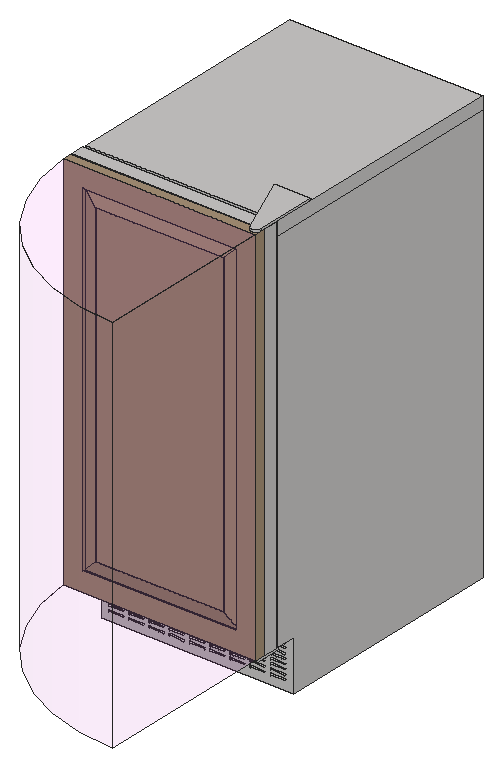
Revit family "QF_Summit_BIM68OSGDRIF_Indoor_Outdoor_Ice_Maker", category Specialty Equipment, Revit 2020
Family settings
  Round Connector Dimension = Use Diameter
  Part Type = Normal
  Work Plane-Based = No
  Always vertical = Yes
  Cut with Voids When Loaded = No
  Shared = No
  Room Calculation Point = No
Parameters
  Weight in Pounds = 105
  Watts = if(Phase = 3, Volts * FL Amps * 1.73, Volts * FL Amps)  # 460 W
  Waste Water Discharge Temperature = -459.67 °F
  Volts = 115 V
  Ventilation Remarks = ""
  URL Cutsheet = ""
  Specification by User = ""
  Specification by Manufacturer = ""
  Show RHD [instance] = yes
  Show LHD [instance] = not(Show RHD)  # no
  Show Clearance [instance] = yes
  Serial Number = ""
  Seismic Rating = ""
  SMACNA No = ""
  Revision Code = ""
  Refrigerant Volume = 0.00 kip
  Refrigerant Type = "R134a"
  Plumbing Remarks = ""
  Phase = 1
  Number of Poles = 1
  NAFEM Spec ID Number = ""
  Model = "BIM68OSGDRIF"
  Min Ckt Ampacity = 0 A
  Max Overcurrent Protection = 0 A
  Masterspec = ""
  Manufacturer = "Summit"
  Length = 14 7/8"
  Item Number = ""
  Installed By = ""
  Indirect Waste Size = 3/4"
  Indirect Waste Flow = 0 GPM
  Indirect Waste Connection Type = ""
  Indirect Waste Connection Height = 0"
  Identify Quantity as Lot = yes
  Height = 33 5/8"
  HP = ""
  Furnished By = ""
  Foodservice Equipment Identifier = yes
  FL Amps = 4 A
  Electrical Remarks = ""
  Electric Connection Type = ""
  Elec Conn RI Height = 0"
  Elec Conn Connection Height = 0"
  Direct Waste Size = 0"
  Direct Waste RI Height = 0"
  Direct Waste Flow = 0 GPM
  Direct Waste Connection Height = 0"
  Description = "Indoor/Outdoor Ice Maker"
  Depth = 22 5/8"
  Default Elevation = 0"
  Cycle = 60 Hz
  Conn Plug = ""
  Conn Conduit = yes
  Cold Water Temperature Recommended = -459.67 °F
  Cold Water Size = 3/8"
  Cold Water RI Height = 0"
  Cold Water Minimum Pressure = 0.00 psi
  Cold Water Maximum Pressure = 0.00 psi
  Cold Water Flow = 0 GPM
  Cold Water Consumption = ""
  Cold Water Connection Height = 0"
  CSI MasterFormat = ""
  Base Height [instance] = 1/8"
  BTUH = 0.0 Btu/h
  Apparent Power = if(Phase = 3, Volts * FL Amps * 1.73, Volts * FL Amps)  # 460 VA
Reference planes (in)
  plane 1 "BACK": y = 0
  plane 2: z = 0
  plane 3 "LEFT": x = 0
  plane 4 "RIGHT": x = 14.875
  plane 5 "FRONT": y = -22.625
  plane 6 "TOP": z = 33.5
  plane 7 "Center Y": x = 7.4375
  plane 8 "Center X": y = -11.3125
  plane 9 "Base Height": z = 0.125
  plane 10: y = -37.25
  plane 11: y = -23.375
  plane 12: y = -21.25
  plane 13: y = -1.5
  plane 14: z = 33.625
Forms (in)
  Extrusion 1, solid, material "QF_Metal_Stainless_Polished"
    sketch origin (0, 0, 0.125) x (-1, 0, 0) y (0, -1, 0)
      loop
        line (0, 1.5) -> (0, 21.25) -> (-14.875, 21.25) -> (-14.875, 1.5) -> (-14.5625, 1.5) -> (-14.5625, 2.5) -> (-0.3125, 2.5) -> (-0.3125, 1.5) -> (0, 1.5)
    from 3.875 to 32.375
  Extrusion 2, solid, material "QF_Metal_Stainless_Polished"
    sketch origin (14.875, -21.25, 0.125) x (-1, 0, 0) y (0, 0, -1)
      loop
        line (0, -33.375) -> (14.875, -33.375) -> (14.875, -3.875) -> (0, -3.875) -> (0, -33.375)
    from 0.24904 to 1.375
  Extrusion 3, solid, material "QF_Rubber - Black - Smooth"
    sketch origin (14.875, -21.25, 0.125) x (-1, 0, 0) y (0, 0, -1)
      loop
        line (14.5625, -33.0625) -> (14.5625, -4.4375) -> (0.3125, -4.4375) -> (0.3125, -33.0625) -> (14.5625, -33.0625)
    from 0 to 0.24904
  Extrusion 4, solid, material "QF_Metal_Stainless_Polished", visible <- "Show RHD"
    sketch origin (0, 0, 33.5) x (-1, 0, 0) y (0, -1, 0)
      loop
        line (-14.6875, 18.03173) -> (-12.1875, 18.03173)
        arc (-12.1875, 18.03173) -> (-12.08136, 18.09071) -> (-12.07538, 18.21199) r 0.125
        line (-12.07538, 18.21199) -> (-14.10113, 23.04076)
        arc (-14.10113, 23.04076) -> (-14.52261, 23.24021) -> (-14.8125, 22.87499) r 0.375
        line (-14.8125, 22.87499) -> (-14.8125, 18.15673) -> (-14.80579, 18.03173) -> (-14.6875, 18.03173)
    from 0 to 0.125
  Extrusion 5, solid, material "QF_Metal_Stainless_Polished"
    sketch origin (14.875, -21.25, 4) x (0, 1, 0) y (1, 0, 0)
      loop
        line (0, -0.0625) -> (-2.00045, -0.0625) -> (-2.00045, -0.77387) -> (0, -0.77387) -> (0, -0.0625)
    from 0.125 to 0.25
  Extrusion 6, solid, material "QF_Rubber - Black - Smooth"
    sketch origin (0, -1.5, 0.125) x (1, 0, 0) y (0, 0, -1)
      loop
        circle (12.85328, -0.875) r 0.25
    from 0 to 0.0625
  Extrusion 7, solid, material "QF_Metal_Stainless_Polished"
    sketch origin (0, -1.5, 0.125) x (1, 0, 0) y (0, 0, -1)
      loop
        circle (3.5, -9.5) r 0.375
      loop
        circle (1.75, -9.25) r 0.1875
    from 0 to 0.0625
  Revolve 8, solid, material "QF_Rubber - Black - Smooth"
    sketch origin (0, -3.125, 0) x (1, 0, 0) y (0, 0, 1)
      loop
        line (1.5625, 0) -> (1.5625, 0.125) -> (0.88393, 0.125) -> (0.88393, 0) -> (1.5625, 0)
      axis (1.5625, 0.125) -> (1.5625, 0)
    angle from 0 to 360
  Extrusion 9, solid, material "QF_Metal_Stainless_Polished"
    sketch origin (0, 0, 0.125) x (-1, 0, 0) y (0, -1, 0)
      loop
        line (0, 1.5) -> (0, 19.75) -> (-0.3125, 19.75) -> (-0.3125, 1.5) -> (0, 1.5)
      loop
        line (-14.875, 19.75) -> (-14.875, 1.5) -> (-14.5625, 1.5) -> (-14.5625, 19.75) -> (-14.875, 19.75)
    from 0 to 3.875
  Extrusion 10, solid, material "QF_Metal_Stainless_Polished"
    sketch origin (0, 0, 0.125) x (0, -1, 0) y (-1, 0, 0)
      loop
        line (1.625, -0.3125) -> (1.625, -14.5625) -> (19.75, -14.5625) -> (19.75, -0.3125) -> (1.625, -0.3125)
    from 0 to -0.3125
  Extrusion 11, solid, material "QF_Metal_Stainless_Polished"
    sketch origin (14.5625, -19.75, 0.125) x (-1, 0, 0) y (0, 0, -1)
      loop
        line (14.25, -0.3125) -> (0, -0.3125) -> (0, -3.875) -> (14.25, -3.875) -> (14.25, -0.3125)
      loop
        line (12.84375, -3.40789) -> (13.90625, -3.40789)
        arc (13.90625, -3.40789) -> (14, -3.31414) -> (13.90625, -3.22039) r 0.09375
        line (13.90625, -3.22039) -> (12.84375, -3.22039)
        arc (12.84375, -3.22039) -> (12.75, -3.31414) -> (12.84375, -3.40789) r 0.09375
      loop
        line (12.84375, -3.03289) -> (13.90625, -3.03289)
        arc (13.90625, -3.03289) -> (14, -2.93914) -> (13.90625, -2.84539) r 0.09375
        line (13.90625, -2.84539) -> (12.84375, -2.84539)
        arc (12.84375, -2.84539) -> (12.75, -2.93914) -> (12.84375, -3.03289) r 0.09375
      loop
        line (12.84375, -2.65789) -> (13.90625, -2.65789)
        arc (13.90625, -2.65789) -> (14, -2.56414) -> (13.90625, -2.47039) r 0.09375
        line (13.90625, -2.47039) -> (12.84375, -2.47039)
        arc (12.84375, -2.47039) -> (12.75, -2.56414) -> (12.84375, -2.65789) r 0.09375
      loop
        line (12.84375, -2.28289) -> (13.90625, -2.28289)
        arc (13.90625, -2.28289) -> (14, -2.18914) -> (13.90625, -2.09539) r 0.09375
        line (13.90625, -2.09539) -> (12.84375, -2.09539)
        arc (12.84375, -2.09539) -> (12.75, -2.18914) -> (12.84375, -2.28289) r 0.09375
      loop
        line (12.84375, -1.90789) -> (13.90625, -1.90789)
        arc (13.90625, -1.90789) -> (14, -1.81414) -> (13.90625, -1.72039) r 0.09375
        line (13.90625, -1.72039) -> (12.84375, -1.72039)
        arc (12.84375, -1.72039) -> (12.75, -1.81414) -> (12.84375, -1.90789) r 0.09375
      loop
        line (12.84375, -1.5625) -> (13.90625, -1.5625)
        arc (13.90625, -1.5625) -> (14, -1.46875) -> (13.90625, -1.375) r 0.09375
        line (13.90625, -1.375) -> (12.84375, -1.375)
        arc (12.84375, -1.375) -> (12.75, -1.46875) -> (12.84375, -1.5625) r 0.09375
      loop
        line (12.84375, -1.1875) -> (13.90625, -1.1875)
        arc (13.90625, -1.1875) -> (14, -1.09375) -> (13.90625, -1) r 0.09375
        line (13.90625, -1) -> (12.84375, -1)
        arc (12.84375, -1) -> (12.75, -1.09375) -> (12.84375, -1.1875) r 0.09375
      loop
        line (12.84375, -0.8125) -> (13.90625, -0.8125)
        arc (13.90625, -0.8125) -> (14, -0.71875) -> (13.90625, -0.625) r 0.09375
        line (13.90625, -0.625) -> (12.84375, -0.625)
        arc (12.84375, -0.625) -> (12.75, -0.71875) -> (12.84375, -0.8125) r 0.09375
      loop
        line (11.28125, -3.40789) -> (12.34375, -3.40789)
        arc (12.34375, -3.40789) -> (12.4375, -3.31414) -> (12.34375, -3.22039) r 0.09375
        line (12.34375, -3.22039) -> (11.28125, -3.22039)
        arc (11.28125, -3.22039) -> (11.1875, -3.31414) -> (11.28125, -3.40789) r 0.09375
      loop
        line (11.28125, -3.03289) -> (12.34375, -3.03289)
        arc (12.34375, -3.03289) -> (12.4375, -2.93914) -> (12.34375, -2.84539) r 0.09375
        line (12.34375, -2.84539) -> (11.28125, -2.84539)
        arc (11.28125, -2.84539) -> (11.1875, -2.93914) -> (11.28125, -3.03289) r 0.09375
      loop
        line (11.28125, -2.65789) -> (12.34375, -2.65789)
        arc (12.34375, -2.65789) -> (12.4375, -2.56414) -> (12.34375, -2.47039) r 0.09375
        line (12.34375, -2.47039) -> (11.28125, -2.47039)
        arc (11.28125, -2.47039) -> (11.1875, -2.56414) -> (11.28125, -2.65789) r 0.09375
      loop
        line (11.28125, -2.28289) -> (12.34375, -2.28289)
        arc (12.34375, -2.28289) -> (12.4375, -2.18914) -> (12.34375, -2.09539) r 0.09375
        line (12.34375, -2.09539) -> (11.28125, -2.09539)
        arc (11.28125, -2.09539) -> (11.1875, -2.18914) -> (11.28125, -2.28289) r 0.09375
      loop
        line (11.28125, -1.90789) -> (12.34375, -1.90789)
        arc (12.34375, -1.90789) -> (12.4375, -1.81414) -> (12.34375, -1.72039) r 0.09375
        line (12.34375, -1.72039) -> (11.28125, -1.72039)
        arc (11.28125, -1.72039) -> (11.1875, -1.81414) -> (11.28125, -1.90789) r 0.09375
      loop
        line (11.28125, -1.5625) -> (12.34375, -1.5625)
        arc (12.34375, -1.5625) -> (12.4375, -1.46875) -> (12.34375, -1.375) r 0.09375
        line (12.34375, -1.375) -> (11.28125, -1.375)
        arc (11.28125, -1.375) -> (11.1875, -1.46875) -> (11.28125, -1.5625) r 0.09375
      loop
        line (11.28125, -1.1875) -> (12.34375, -1.1875)
        arc (12.34375, -1.1875) -> (12.4375, -1.09375) -> (12.34375, -1) r 0.09375
        line (12.34375, -1) -> (11.28125, -1)
        arc (11.28125, -1) -> (11.1875, -1.09375) -> (11.28125, -1.1875) r 0.09375
      loop
        line (11.28125, -0.8125) -> (12.34375, -0.8125)
        arc (12.34375, -0.8125) -> (12.4375, -0.71875) -> (12.34375, -0.625) r 0.09375
        line (12.34375, -0.625) -> (11.28125, -0.625)
        arc (11.28125, -0.625) -> (11.1875, -0.71875) -> (11.28125, -0.8125) r 0.09375
      loop
        line (9.71875, -3.40789) -> (10.78125, -3.40789)
        arc (10.78125, -3.40789) -> (10.875, -3.31414) -> (10.78125, -3.22039) r 0.09375
        line (10.78125, -3.22039) -> (9.71875, -3.22039)
        arc (9.71875, -3.22039) -> (9.625, -3.31414) -> (9.71875, -3.40789) r 0.09375
      loop
        line (9.71875, -3.03289) -> (10.78125, -3.03289)
        arc (10.78125, -3.03289) -> (10.875, -2.93914) -> (10.78125, -2.84539) r 0.09375
        line (10.78125, -2.84539) -> (9.71875, -2.84539)
        arc (9.71875, -2.84539) -> (9.625, -2.93914) -> (9.71875, -3.03289) r 0.09375
      loop
        line (9.71875, -2.65789) -> (10.78125, -2.65789)
        arc (10.78125, -2.65789) -> (10.875, -2.56414) -> (10.78125, -2.47039) r 0.09375
        line (10.78125, -2.47039) -> (9.71875, -2.47039)
        arc (9.71875, -2.47039) -> (9.625, -2.56414) -> (9.71875, -2.65789) r 0.09375
      loop
        line (9.71875, -2.28289) -> (10.78125, -2.28289)
        arc (10.78125, -2.28289) -> (10.875, -2.18914) -> (10.78125, -2.09539) r 0.09375
        line (10.78125, -2.09539) -> (9.71875, -2.09539)
        arc (9.71875, -2.09539) -> (9.625, -2.18914) -> (9.71875, -2.28289) r 0.09375
      loop
        line (9.71875, -1.90789) -> (10.78125, -1.90789)
        arc (10.78125, -1.90789) -> (10.875, -1.81414) -> (10.78125, -1.72039) r 0.09375
        line (10.78125, -1.72039) -> (9.71875, -1.72039)
        arc (9.71875, -1.72039) -> (9.625, -1.81414) -> (9.71875, -1.90789) r 0.09375
      loop
        line (9.71875, -1.5625) -> (10.78125, -1.5625)
        arc (10.78125, -1.5625) -> (10.875, -1.46875) -> (10.78125, -1.375) r 0.09375
        line (10.78125, -1.375) -> (9.71875, -1.375)
        arc (9.71875, -1.375) -> (9.625, -1.46875) -> (9.71875, -1.5625) r 0.09375
      loop
        line (9.71875, -1.1875) -> (10.78125, -1.1875)
        arc (10.78125, -1.1875) -> (10.875, -1.09375) -> (10.78125, -1) r 0.09375
        line (10.78125, -1) -> (9.71875, -1)
        arc (9.71875, -1) -> (9.625, -1.09375) -> (9.71875, -1.1875) r 0.09375
      loop
        line (9.71875, -0.8125) -> (10.78125, -0.8125)
        arc (10.78125, -0.8125) -> (10.875, -0.71875) -> (10.78125, -0.625) r 0.09375
        line (10.78125, -0.625) -> (9.71875, -0.625)
        arc (9.71875, -0.625) -> (9.625, -0.71875) -> (9.71875, -0.8125) r 0.09375
      loop
        line (8.15625, -3.40789) -> (9.21875, -3.40789)
        arc (9.21875, -3.40789) -> (9.3125, -3.31414) -> (9.21875, -3.22039) r 0.09375
        line (9.21875, -3.22039) -> (8.15625, -3.22039)
        arc (8.15625, -3.22039) -> (8.0625, -3.31414) -> (8.15625, -3.40789) r 0.09375
      loop
        line (8.15625, -3.03289) -> (9.21875, -3.03289)
        arc (9.21875, -3.03289) -> (9.3125, -2.93914) -> (9.21875, -2.84539) r 0.09375
        line (9.21875, -2.84539) -> (8.15625, -2.84539)
        arc (8.15625, -2.84539) -> (8.0625, -2.93914) -> (8.15625, -3.03289) r 0.09375
      loop
        line (8.15625, -2.65789) -> (9.21875, -2.65789)
        arc (9.21875, -2.65789) -> (9.3125, -2.56414) -> (9.21875, -2.47039) r 0.09375
        line (9.21875, -2.47039) -> (8.15625, -2.47039)
        arc (8.15625, -2.47039) -> (8.0625, -2.56414) -> (8.15625, -2.65789) r 0.09375
      loop
        line (8.15625, -2.28289) -> (9.21875, -2.28289)
        arc (9.21875, -2.28289) -> (9.3125, -2.18914) -> (9.21875, -2.09539) r 0.09375
        line (9.21875, -2.09539) -> (8.15625, -2.09539)
        arc (8.15625, -2.09539) -> (8.0625, -2.18914) -> (8.15625, -2.28289) r 0.09375
      loop
        line (8.15625, -1.90789) -> (9.21875, -1.90789)
        arc (9.21875, -1.90789) -> (9.3125, -1.81414) -> (9.21875, -1.72039) r 0.09375
        line (9.21875, -1.72039) -> (8.15625, -1.72039)
        arc (8.15625, -1.72039) -> (8.0625, -1.81414) -> (8.15625, -1.90789) r 0.09375
      loop
        line (8.15625, -1.5625) -> (9.21875, -1.5625)
        arc (9.21875, -1.5625) -> (9.3125, -1.46875) -> (9.21875, -1.375) r 0.09375
        line (9.21875, -1.375) -> (8.15625, -1.375)
        arc (8.15625, -1.375) -> (8.0625, -1.46875) -> (8.15625, -1.5625) r 0.09375
      loop
        line (8.15625, -1.1875) -> (9.21875, -1.1875)
        arc (9.21875, -1.1875) -> (9.3125, -1.09375) -> (9.21875, -1) r 0.09375
        line (9.21875, -1) -> (8.15625, -1)
        arc (8.15625, -1) -> (8.0625, -1.09375) -> (8.15625, -1.1875) r 0.09375
      loop
        line (8.15625, -0.8125) -> (9.21875, -0.8125)
        arc (9.21875, -0.8125) -> (9.3125, -0.71875) -> (9.21875, -0.625) r 0.09375
        line (9.21875, -0.625) -> (8.15625, -0.625)
        arc (8.15625, -0.625) -> (8.0625, -0.71875) -> (8.15625, -0.8125) r 0.09375
      loop
        line (6.59375, -3.40789) -> (7.65625, -3.40789)
        arc (7.65625, -3.40789) -> (7.75, -3.31414) -> (7.65625, -3.22039) r 0.09375
        line (7.65625, -3.22039) -> (6.59375, -3.22039)
        arc (6.59375, -3.22039) -> (6.5, -3.31414) -> (6.59375, -3.40789) r 0.09375
      loop
        line (6.59375, -3.03289) -> (7.65625, -3.03289)
        arc (7.65625, -3.03289) -> (7.75, -2.93914) -> (7.65625, -2.84539) r 0.09375
        line (7.65625, -2.84539) -> (6.59375, -2.84539)
        arc (6.59375, -2.84539) -> (6.5, -2.93914) -> (6.59375, -3.03289) r 0.09375
      loop
        line (6.59375, -2.65789) -> (7.65625, -2.65789)
        arc (7.65625, -2.65789) -> (7.75, -2.56414) -> (7.65625, -2.47039) r 0.09375
        line (7.65625, -2.47039) -> (6.59375, -2.47039)
        arc (6.59375, -2.47039) -> (6.5, -2.56414) -> (6.59375, -2.65789) r 0.09375
      loop
        line (6.59375, -2.28289) -> (7.65625, -2.28289)
        arc (7.65625, -2.28289) -> (7.75, -2.18914) -> (7.65625, -2.09539) r 0.09375
        line (7.65625, -2.09539) -> (6.59375, -2.09539)
        arc (6.59375, -2.09539) -> (6.5, -2.18914) -> (6.59375, -2.28289) r 0.09375
      loop
        line (6.59375, -1.90789) -> (7.65625, -1.90789)
        arc (7.65625, -1.90789) -> (7.75, -1.81414) -> (7.65625, -1.72039) r 0.09375
        line (7.65625, -1.72039) -> (6.59375, -1.72039)
        arc (6.59375, -1.72039) -> (6.5, -1.81414) -> (6.59375, -1.90789) r 0.09375
      loop
        line (6.59375, -1.5625) -> (7.65625, -1.5625)
        arc (7.65625, -1.5625) -> (7.75, -1.46875) -> (7.65625, -1.375) r 0.09375
        line (7.65625, -1.375) -> (6.59375, -1.375)
        arc (6.59375, -1.375) -> (6.5, -1.46875) -> (6.59375, -1.5625) r 0.09375
      loop
        line (6.59375, -1.1875) -> (7.65625, -1.1875)
        arc (7.65625, -1.1875) -> (7.75, -1.09375) -> (7.65625, -1) r 0.09375
        line (7.65625, -1) -> (6.59375, -1)
        arc (6.59375, -1) -> (6.5, -1.09375) -> (6.59375, -1.1875) r 0.09375
      loop
        line (6.59375, -0.8125) -> (7.65625, -0.8125)
        arc (7.65625, -0.8125) -> (7.75, -0.71875) -> (7.65625, -0.625) r 0.09375
        line (7.65625, -0.625) -> (6.59375, -0.625)
        arc (6.59375, -0.625) -> (6.5, -0.71875) -> (6.59375, -0.8125) r 0.09375
      loop
        line (5.03125, -3.40789) -> (6.09375, -3.40789)
        arc (6.09375, -3.40789) -> (6.1875, -3.31414) -> (6.09375, -3.22039) r 0.09375
        line (6.09375, -3.22039) -> (5.03125, -3.22039)
        arc (5.03125, -3.22039) -> (4.9375, -3.31414) -> (5.03125, -3.40789) r 0.09375
      loop
        line (5.03125, -3.03289) -> (6.09375, -3.03289)
        arc (6.09375, -3.03289) -> (6.1875, -2.93914) -> (6.09375, -2.84539) r 0.09375
        line (6.09375, -2.84539) -> (5.03125, -2.84539)
        arc (5.03125, -2.84539) -> (4.9375, -2.93914) -> (5.03125, -3.03289) r 0.09375
      loop
        line (5.03125, -2.65789) -> (6.09375, -2.65789)
        arc (6.09375, -2.65789) -> (6.1875, -2.56414) -> (6.09375, -2.47039) r 0.09375
        line (6.09375, -2.47039) -> (5.03125, -2.47039)
        arc (5.03125, -2.47039) -> (4.9375, -2.56414) -> (5.03125, -2.65789) r 0.09375
      loop
        line (5.03125, -2.28289) -> (6.09375, -2.28289)
        arc (6.09375, -2.28289) -> (6.1875, -2.18914) -> (6.09375, -2.09539) r 0.09375
        line (6.09375, -2.09539) -> (5.03125, -2.09539)
        arc (5.03125, -2.09539) -> (4.9375, -2.18914) -> (5.03125, -2.28289) r 0.09375
      loop
        line (5.03125, -1.90789) -> (6.09375, -1.90789)
        arc (6.09375, -1.90789) -> (6.1875, -1.81414) -> (6.09375, -1.72039) r 0.09375
        line (6.09375, -1.72039) -> (5.03125, -1.72039)
        arc (5.03125, -1.72039) -> (4.9375, -1.81414) -> (5.03125, -1.90789) r 0.09375
      loop
        line (5.03125, -1.5625) -> (6.09375, -1.5625)
        arc (6.09375, -1.5625) -> (6.1875, -1.46875) -> (6.09375, -1.375) r 0.09375
        line (6.09375, -1.375) -> (5.03125, -1.375)
        arc (5.03125, -1.375) -> (4.9375, -1.46875) -> (5.03125, -1.5625) r 0.09375
      loop
        line (5.03125, -1.1875) -> (6.09375, -1.1875)
        arc (6.09375, -1.1875) -> (6.1875, -1.09375) -> (6.09375, -1) r 0.09375
        line (6.09375, -1) -> (5.03125, -1)
        arc (5.03125, -1) -> (4.9375, -1.09375) -> (5.03125, -1.1875) r 0.09375
      loop
        line (5.03125, -0.8125) -> (6.09375, -0.8125)
        arc (6.09375, -0.8125) -> (6.1875, -0.71875) -> (6.09375, -0.625) r 0.09375
        line (6.09375, -0.625) -> (5.03125, -0.625)
        arc (5.03125, -0.625) -> (4.9375, -0.71875) -> (5.03125, -0.8125) r 0.09375
      loop
        line (3.46875, -3.40789) -> (4.53125, -3.40789)
        arc (4.53125, -3.40789) -> (4.625, -3.31414) -> (4.53125, -3.22039) r 0.09375
        line (4.53125, -3.22039) -> (3.46875, -3.22039)
        arc (3.46875, -3.22039) -> (3.375, -3.31414) -> (3.46875, -3.40789) r 0.09375
      loop
        line (3.46875, -3.03289) -> (4.53125, -3.03289)
        arc (4.53125, -3.03289) -> (4.625, -2.93914) -> (4.53125, -2.84539) r 0.09375
        line (4.53125, -2.84539) -> (3.46875, -2.84539)
        arc (3.46875, -2.84539) -> (3.375, -2.93914) -> (3.46875, -3.03289) r 0.09375
      loop
        line (3.46875, -2.65789) -> (4.53125, -2.65789)
        arc (4.53125, -2.65789) -> (4.625, -2.56414) -> (4.53125, -2.47039) r 0.09375
        line (4.53125, -2.47039) -> (3.46875, -2.47039)
        arc (3.46875, -2.47039) -> (3.375, -2.56414) -> (3.46875, -2.65789) r 0.09375
      loop
        line (3.46875, -2.28289) -> (4.53125, -2.28289)
        arc (4.53125, -2.28289) -> (4.625, -2.18914) -> (4.53125, -2.09539) r 0.09375
        line (4.53125, -2.09539) -> (3.46875, -2.09539)
        arc (3.46875, -2.09539) -> (3.375, -2.18914) -> (3.46875, -2.28289) r 0.09375
      loop
        line (3.46875, -1.90789) -> (4.53125, -1.90789)
        arc (4.53125, -1.90789) -> (4.625, -1.81414) -> (4.53125, -1.72039) r 0.09375
        line (4.53125, -1.72039) -> (3.46875, -1.72039)
        arc (3.46875, -1.72039) -> (3.375, -1.81414) -> (3.46875, -1.90789) r 0.09375
      loop
        line (3.46875, -1.5625) -> (4.53125, -1.5625)
        arc (4.53125, -1.5625) -> (4.625, -1.46875) -> (4.53125, -1.375) r 0.09375
        line (4.53125, -1.375) -> (3.46875, -1.375)
        arc (3.46875, -1.375) -> (3.375, -1.46875) -> (3.46875, -1.5625) r 0.09375
      loop
        line (3.46875, -1.1875) -> (4.53125, -1.1875)
        arc (4.53125, -1.1875) -> (4.625, -1.09375) -> (4.53125, -1) r 0.09375
        line (4.53125, -1) -> (3.46875, -1)
        arc (3.46875, -1) -> (3.375, -1.09375) -> (3.46875, -1.1875) r 0.09375
      loop
        line (3.46875, -0.8125) -> (4.53125, -0.8125)
        arc (4.53125, -0.8125) -> (4.625, -0.71875) -> (4.53125, -0.625) r 0.09375
        line (4.53125, -0.625) -> (3.46875, -0.625)
        arc (3.46875, -0.625) -> (3.375, -0.71875) -> (3.46875, -0.8125) r 0.09375
      loop
        line (1.90625, -3.40789) -> (2.96875, -3.40789)
        arc (2.96875, -3.40789) -> (3.0625, -3.31414) -> (2.96875, -3.22039) r 0.09375
        line (2.96875, -3.22039) -> (1.90625, -3.22039)
        arc (1.90625, -3.22039) -> (1.8125, -3.31414) -> (1.90625, -3.40789) r 0.09375
      loop
        line (1.90625, -3.03289) -> (2.96875, -3.03289)
        arc (2.96875, -3.03289) -> (3.0625, -2.93914) -> (2.96875, -2.84539) r 0.09375
        line (2.96875, -2.84539) -> (1.90625, -2.84539)
        arc (1.90625, -2.84539) -> (1.8125, -2.93914) -> (1.90625, -3.03289) r 0.09375
      loop
        line (1.90625, -2.65789) -> (2.96875, -2.65789)
        arc (2.96875, -2.65789) -> (3.0625, -2.56414) -> (2.96875, -2.47039) r 0.09375
        line (2.96875, -2.47039) -> (1.90625, -2.47039)
        arc (1.90625, -2.47039) -> (1.8125, -2.56414) -> (1.90625, -2.65789) r 0.09375
      loop
        line (1.90625, -2.28289) -> (2.96875, -2.28289)
        arc (2.96875, -2.28289) -> (3.0625, -2.18914) -> (2.96875, -2.09539) r 0.09375
        line (2.96875, -2.09539) -> (1.90625, -2.09539)
        arc (1.90625, -2.09539) -> (1.8125, -2.18914) -> (1.90625, -2.28289) r 0.09375
      loop
        line (1.90625, -1.90789) -> (2.96875, -1.90789)
        arc (2.96875, -1.90789) -> (3.0625, -1.81414) -> (2.96875, -1.72039) r 0.09375
        line (2.96875, -1.72039) -> (1.90625, -1.72039)
        arc (1.90625, -1.72039) -> (1.8125, -1.81414) -> (1.90625, -1.90789) r 0.09375
      loop
        line (1.90625, -1.5625) -> (2.96875, -1.5625)
        arc (2.96875, -1.5625) -> (3.0625, -1.46875) -> (2.96875, -1.375) r 0.09375
        line (2.96875, -1.375) -> (1.90625, -1.375)
        arc (1.90625, -1.375) -> (1.8125, -1.46875) -> (1.90625, -1.5625) r 0.09375
      loop
        line (1.90625, -1.1875) -> (2.96875, -1.1875)
        arc (2.96875, -1.1875) -> (3.0625, -1.09375) -> (2.96875, -1) r 0.09375
        line (2.96875, -1) -> (1.90625, -1)
        arc (1.90625, -1) -> (1.8125, -1.09375) -> (1.90625, -1.1875) r 0.09375
      loop
        line (1.90625, -0.8125) -> (2.96875, -0.8125)
        arc (2.96875, -0.8125) -> (3.0625, -0.71875) -> (2.96875, -0.625) r 0.09375
        line (2.96875, -0.625) -> (1.90625, -0.625)
        arc (1.90625, -0.625) -> (1.8125, -0.71875) -> (1.90625, -0.8125) r 0.09375
      loop
        line (0.34375, -3.40789) -> (1.40625, -3.40789)
        arc (1.40625, -3.40789) -> (1.5, -3.31414) -> (1.40625, -3.22039) r 0.09375
        line (1.40625, -3.22039) -> (0.34375, -3.22039)
        arc (0.34375, -3.22039) -> (0.25, -3.31414) -> (0.34375, -3.40789) r 0.09375
      loop
        line (0.34375, -3.03289) -> (1.40625, -3.03289)
        arc (1.40625, -3.03289) -> (1.5, -2.93914) -> (1.40625, -2.84539) r 0.09375
        line (1.40625, -2.84539) -> (0.34375, -2.84539)
        arc (0.34375, -2.84539) -> (0.25, -2.93914) -> (0.34375, -3.03289) r 0.09375
      loop
        line (0.34375, -2.65789) -> (1.40625, -2.65789)
        arc (1.40625, -2.65789) -> (1.5, -2.56414) -> (1.40625, -2.47039) r 0.09375
        line (1.40625, -2.47039) -> (0.34375, -2.47039)
        arc (0.34375, -2.47039) -> (0.25, -2.56414) -> (0.34375, -2.65789) r 0.09375
      loop
        line (0.34375, -2.28289) -> (1.40625, -2.28289)
        arc (1.40625, -2.28289) -> (1.5, -2.18914) -> (1.40625, -2.09539) r 0.09375
        line (1.40625, -2.09539) -> (0.34375, -2.09539)
        arc (0.34375, -2.09539) -> (0.25, -2.18914) -> (0.34375, -2.28289) r 0.09375
      loop
        line (0.34375, -1.90789) -> (1.40625, -1.90789)
        arc (1.40625, -1.90789) -> (1.5, -1.81414) -> (1.40625, -1.72039) r 0.09375
        line (1.40625, -1.72039) -> (0.34375, -1.72039)
        arc (0.34375, -1.72039) -> (0.25, -1.81414) -> (0.34375, -1.90789) r 0.09375
      loop
        line (0.34375, -1.5625) -> (1.40625, -1.5625)
        arc (1.40625, -1.5625) -> (1.5, -1.46875) -> (1.40625, -1.375) r 0.09375
        line (1.40625, -1.375) -> (0.34375, -1.375)
        arc (0.34375, -1.375) -> (0.25, -1.46875) -> (0.34375, -1.5625) r 0.09375
      loop
        line (0.34375, -1.1875) -> (1.40625, -1.1875)
        arc (1.40625, -1.1875) -> (1.5, -1.09375) -> (1.40625, -1) r 0.09375
        line (1.40625, -1) -> (0.34375, -1)
        arc (0.34375, -1) -> (0.25, -1.09375) -> (0.34375, -1.1875) r 0.09375
      loop
        line (0.34375, -0.8125) -> (1.40625, -0.8125)
        arc (1.40625, -0.8125) -> (1.5, -0.71875) -> (1.40625, -0.625) r 0.09375
        line (1.40625, -0.625) -> (0.34375, -0.625)
        arc (0.34375, -0.625) -> (0.25, -0.71875) -> (0.34375, -0.8125) r 0.09375
    from 0 to -0.3125
  Extrusion 12, solid, material "QF_Metal_Stainless_Polished"
    sketch origin (14.875, -21.25, 0.125) x (-1, 0, 0) y (0, 0, -1)
      loop
        line (0.0625, -3.75) -> (0.0625, -4.4375) -> (0.77387, -4.4375) -> (0.77387, -3.75) -> (0.0625, -3.75)
    from 0 to 0.125
  Sweep 13, solid, material "QF_Wood_Hard_Rock_Maple_Satin"
    path origin (14.875, -22.625, 0.125) x (-1, 0, 0) y (0, 0, -1)
      loop
        line (0, -33.375) -> (14.875, -33.375) -> (14.875, -3.875) -> (0, -3.875) -> (0, -33.375)
    profile origin (7.4375, -22.625, 33.5) x (0, 0, -1) y (0, -1, 0)
      loop
        line (0, 0.75) -> (0, 0) -> (2.5, 0) -> (2.5, 0.75) -> (1.5, 0.5625) -> (1.5, 0.75) -> (0, 0.75)
  Extrusion 14, solid, material "QF_Wood_Hard_Rock_Maple_Satin"
    sketch origin (14.875, -23.375, 33.5) x (-1, 0, 0) y (0, 0, -1)
      loop
        line (12.375, 2.5) -> (12.375, 27) -> (2.5, 27) -> (2.5, 2.5) -> (12.375, 2.5)
    from 0 to -0.75
  Revolve 15, solid, material "QF_Rubber - Black - Smooth"
    sketch origin (14.875, -3.125, 0) x (-1, 0, 0) y (0, 0, 1)
      loop
        line (1.5625, 0) -> (1.5625, 0.125) -> (0.88393, 0.125) -> (0.88393, 0) -> (1.5625, 0)
      axis (1.5625, 0.125) -> (1.5625, 0)
    angle from 0 to 360
  Revolve 16, solid, material "QF_Rubber - Black - Smooth"
    sketch origin (0, -18.125, 0) x (1, 0, 0) y (0, 0, 1)
      loop
        line (1.5625, 0) -> (1.5625, 0.125) -> (0.88393, 0.125) -> (0.88393, 0) -> (1.5625, 0)
      axis (1.5625, 0.125) -> (1.5625, 0)
    angle from 0 to 360
  Revolve 17, solid, material "QF_Rubber - Black - Smooth"
    sketch origin (14.875, -18.125, 0) x (-1, 0, 0) y (0, 0, 1)
      loop
        line (1.5625, 0) -> (1.5625, 0.125) -> (0.88393, 0.125) -> (0.88393, 0) -> (1.5625, 0)
      axis (1.5625, 0.125) -> (1.5625, 0)
    angle from 0 to 360
  Extrusion 18, solid, material "QF_Metal_Stainless_Polished"
    sketch origin (0, -1.5, 0.125) x (1, 0, 0) y (0, 0, -1)
      loop
        line (1.21341, -11.75) -> (1.21341, -31.375) -> (13.375, -31.375) -> (13.375, -11.75) -> (1.21341, -11.75)
    from 0 to 1.5
  Extrusion 19, solid, material "QF_Metal_Stainless_Polished"
    sketch origin (0, -1.5, 0.125) x (1, 0, 0) y (0, 0, -1)
      loop
        line (0.3125, -32.375) -> (14.5625, -32.375) -> (14.5625, 0) -> (0.3125, 0) -> (0.3125, -32.375)
      loop
        line (12.5625, -10.75) -> (12.5625, -1.5) -> (4.625, -1.5) -> (4.625, -10.75) -> (12.5625, -10.75)
    from 0 to -0.125
  Extrusion 20, solid, material "QF_Metal_Stainless_Polished"
    sketch origin (0, 0, 32.5) x (-1, 0, 0) y (0, -1, 0)
      loop
        line (0, 1.5) -> (0, 21.25) -> (-14.875, 21.25) -> (-14.875, 1.5) -> (0, 1.5)
    from 0 to 1
  Extrusion 21, solid, material "QF_Generic_Vent_Horizontal"
    sketch origin (0, -1.5, 0.125) x (1, 0, 0) y (0, 0, -1)
      loop
        line (12.5625, -10.75) -> (12.5625, -1.5) -> (4.625, -1.5) -> (4.625, -10.75) -> (12.5625, -10.75)
    from 0 to -0.125
  Extrusion 22, solid, material "QF_Clearances_Door_Drawer", visible <- "Show RHD"
    sketch origin (14.875, -21.25, 4) x (0, 1, 0) y (1, 0, 0)
      loop
        line (-2.125, -14.8726) -> (-2.125, 0) -> (-15.99997, 0)
        arc (-15.99997, 0) -> (-12.00168, -10.17834) -> (-2.125, -14.8726) r 14.875
    from 0 to -29.5
  Extrusion 23, solid, material "QF_Clearances_Door_Drawer", visible <- "Show LHD"
    sketch origin (0, -21.25, 4) x (0, -1, 0) y (-1, 0, 0)
      loop
        arc (2.125, -14.8726) -> (12.00168, -10.17834) -> (15.99997, 0) r 14.875
        line (15.99997, 0) -> (2.125, 0) -> (2.125, -14.8726)
    from 0 to -29.5
  Extrusion 24, solid, material "QF_Metal_Stainless_Polished", visible <- "Show LHD"
    sketch origin (14.875, 0, 33.5) x (1, 0, 0) y (0, 1, 0)
      loop
        line (-14.6875, -18.03173) -> (-14.80579, -18.03173) -> (-14.8125, -18.15673) -> (-14.8125, -22.87499)
        arc (-14.8125, -22.87499) -> (-14.52261, -23.24021) -> (-14.10113, -23.04076) r 0.375
        line (-14.10113, -23.04076) -> (-12.07538, -18.21199)
        arc (-12.07538, -18.21199) -> (-12.08136, -18.09071) -> (-12.1875, -18.03173) r 0.125
        line (-12.1875, -18.03173) -> (-14.6875, -18.03173)
    from 0 to 0.125
Cuts and joins
  joined: Extrusion 1, Extrusion 9, Extrusion 10, Extrusion 11, Extrusion 19
  joined: Extrusion 5, Extrusion 12
Lines and regions (in)
  symbolic lines
    curve 1: line (0, -1.5, 0.125) -> (14.875, -1.5, 0.125)
    curve 2: line (0, -21.25, 0.125) -> (0, -1.5, 0.125)
    curve 3: line (14.875, -21.25, 0.125) -> (14.8125, -21.25, 0.125)
    curve 4: line (14.875, -1.5, 0.125) -> (14.875, -21.25, 0.125)
    curve 5: line (1.21341, 0, 0.125) -> (1.21341, -1.5, 0.125)
    curve 6: line (13.375, 0, 0.125) -> (1.21341, 0, 0.125)
    curve 7: line (13.375, -1.5, 0.125) -> (13.375, 0, 0.125)
    curve 15: line (14.875, -21.49904, 0.125) -> (14.8125, -21.49904, 0.125)
    curve 16: line (14.875, -23.375, 0.125) -> (14.875, -21.49904, 0.125)
    curve 17: line (14.875, -22.625, 0.125) -> (14.8125, -22.625, 0.125)
    curve 18: line (14.875, -23.375, 0.125) -> (0, -23.375, 0.125)
    curve 19: line (0, -21.49904, 0.125) -> (0, -23.375, 0.125)
    curve 23: line (13.92671, -22.625, 0.125) -> (0, -22.625, 0.125)
  symbolic lines, visible <- "Show RHD"
    curve 8: line (12.07538, -18.21199, 0.125) -> (14.10113, -23.04076, 0.125)
    curve 9: arc (14.10113, -23.04076, 0.125) -> (14.52261, -23.24021, 0.125) -> (14.8125, -22.87499, 0.125) r 0.375
    curve 10: line (14.8125, -22.87499, 0.125) -> (14.8125, -18.15673, 0.125)
    curve 11: line (14.8125, -18.15673, 0.125) -> (14.80579, -18.03173, 0.125)
    curve 12: line (14.80579, -18.03173, 0.125) -> (14.6875, -18.03173, 0.125)
    curve 13: line (14.6875, -18.03173, 0.125) -> (12.1875, -18.03173, 0.125)
    curve 14: arc (12.1875, -18.03173, 0.125) -> (12.08136, -18.09071, 0.125) -> (12.07538, -18.21199, 0.125) r 0.125
    curve 20: line (0.3125, -21.25, 0.125) -> (0.3125, -21.49904, 0.125)
    curve 21: line (13.34987, -21.25, 0.125) -> (0, -21.25, 0.125)
    curve 22: line (13.45435, -21.49904, 0.125) -> (0, -21.49904, 0.125)
  symbolic lines, style "QF_Clearances_Door_Drawer", visible <- "Show RHD"
    curve 24: arc (2.42509, -30.56296, 0.125) -> (0.74788, -27.126, 0.125) -> (0.0024, -23.375, 0.125) r 14.875
    curve 25: line (14.875, -23.375, 0.125) -> (2.42509, -30.56296, 0.125)
  symbolic lines, visible <- "Show LHD"
    curve 26: line (2.79962, -18.21199, 0.125) -> (0.77387, -23.04076, 0.125)
    curve 27: arc (0.77387, -23.04076, 0.125) -> (0.35239, -23.24021, 0.125) -> (0.0625, -22.87499, 0.125) r 0.375
    curve 28: line (0.0625, -22.87499, 0.125) -> (0.0625, -18.15673, 0.125)
    curve 29: line (0.0625, -18.15673, 0.125) -> (0.06921, -18.03173, 0.125)
    curve 30: line (0.06921, -18.03173, 0.125) -> (0.1875, -18.03173, 0.125)
    curve 31: line (0.1875, -18.03173, 0.125) -> (2.6875, -18.03173, 0.125)
    curve 32: arc (2.6875, -18.03173, 0.125) -> (2.79364, -18.09071, 0.125) -> (2.79962, -18.21199, 0.125) r 0.125
    curve 35: line (14.5625, -21.25, 0.125) -> (14.5625, -21.49904, 0.125)
    curve 36: line (1.52513, -21.25, 0.125) -> (14.875, -21.25, 0.125)
    curve 37: line (1.42065, -21.49904, 0.125) -> (14.875, -21.49904, 0.125)
  symbolic lines, style "QF_Clearances_Door_Drawer", visible <- "Show LHD"
    curve 33: arc (12.44991, -30.56296, 0.125) -> (14.12712, -27.126, 0.125) -> (14.8726, -23.375, 0.125) r 14.875
    curve 34: line (0, -23.375, 0.125) -> (12.44991, -30.56296, 0.125)
Dimensions and locks (in)
  equal spacing: plane 3 "LEFT", plane 7 "Center Y", plane 4 "RIGHT"
  "Length": plane 3 "LEFT" to plane 4 "RIGHT"
  equal spacing: plane 5 "FRONT", plane 8 "Center X", plane 1 "BACK"
  "Depth": plane 5 "FRONT" to plane 1 "BACK"
  plane 14 to level = 33 5/8"
  "Base Height": plane 9 "Base Height" to level
  plane 10 to plane 1 "BACK" = 37 1/4"
  plane 11 to plane 5 "FRONT" = 3/4"
  plane 13 to plane 1 "BACK" = 1 1/2"
  plane 13 to plane 12 = 19 3/4"
  plane 14 to plane 6 "TOP" = 1/8"
  plane 6 "TOP" to level = 33 1/2"
  aligned and locked: level to plane 2
Automatic sketch dimensions
  curve 37 to plane 4 "RIGHT" = 0"
  curve 1 to plane 4 "RIGHT" = 0"
  curve 33 to plane 11 = 0"
  plane 12 to curve 3 = 0"
  plane 5 "FRONT" to curve 17 = 0"
  plane 5 "FRONT" to curve 23 = 0"
  curve 7 to plane 13 = 0"
  plane 1 "BACK" to curve 6 = 0"
  plane 12 to curve 21 = 0"
  curve 24 to plane 11 = 0"
  curve 23 to plane 3 "LEFT" = 0"
  curve 21 to plane 3 "LEFT" = 0"
  curve 16 to plane 11 = 0"
  plane 4 "RIGHT" to curve 24 = 1/32"
  plane 4 "RIGHT" to curve 11 = 1/16"
  plane 4 "RIGHT" to curve 11 = 0.06921"
  curve 11 to curve 13 = 0.11829"
  plane 5 "FRONT" to curve 9 = 1/4"
  curve 9 to curve 9 = 3/8"
  plane 11 to curve 8 = 0.33424"
  plane 4 "RIGHT" to curve 6 = 1 1/2"
  plane 4 "RIGHT" to curve 34 = 2.42509"
  curve 12 to curve 14 = 2 1/2"
  curve 14 to curve 8 = 0.11212"
  plane 3 "LEFT" to curve 26 = 2.79962"
  curve 32 to curve 32 = 0.11212"
  plane 3 "LEFT" to curve 25 = 2.42509"
  plane 3 "LEFT" to curve 6 = 1.21341"
  plane 3 "LEFT" to curve 26 = 0.77387"
  plane 5 "FRONT" to curve 27 = 1/4"
  curve 26 to curve 27 = 0.33637"
  plane 3 "LEFT" to curve 30 = 3/16"
  plane 3 "LEFT" to curve 30 = 0.06921"
  plane 3 "LEFT" to curve 29 = 1/16"
  plane 3 "LEFT" to curve 33 = 1/32"
  curve 30 to plane 12 = 3.21827"
  curve 13 to plane 12 = 3.21827"
  curve 11 to curve 11 = 1/8"
  curve 29 to curve 28 = 1/8"
  curve 32 to curve 32 = 1/8"
  curve 14 to curve 14 = 1/8"
  curve 2 to curve 22 = 0.24904"
  curve 3 to curve 15 = 0.24904"
  curve 33 to plane 5 "FRONT" = 1/4"
  curve 24 to plane 5 "FRONT" = 1/4"
  plane 10 to curve 25 = 6.68704"
  plane 10 to curve 34 = 6.68704"
  curve 15 to curve 35 = 1/4"
  plane 3 "LEFT" to curve 20 = 5/16"
  Extrusion 1 sketch curve to plane 4 "RIGHT" = 0"
  Extrusion 1 sketch curve to plane 13 = 0"  (x2)
  Extrusion 1 sketch curve to plane 3 "LEFT" = 0"
  plane 12 to Extrusion 1 sketch curve = 0"
  plane 4 "RIGHT" to Extrusion 1 sketch curve = 5/16"
  plane 3 "LEFT" to Extrusion 1 sketch curve = 5/16"
  Extrusion 1 sketch curve to plane 13 = 1"
  Extrusion 2 sketch curve to Extrusion 1 = 0"  (x3)
  Extrusion 2 sketch curve to Extrusion 1 = 1"
  Extrusion 3 sketch curve to Extrusion 1 = 5/16"
  Extrusion 1 to Extrusion 3 sketch curve = 5/16"
  Extrusion 3 sketch curve to Extrusion 1 = 11/16"
  Extrusion 1 to Extrusion 3 sketch curve = 9/16"
  Extrusion 4 sketch curve to Extrusion 20 = 1/16"
  Extrusion 4 sketch curve to Extrusion 20 = 0.06921"
  Extrusion 4 sketch curve to Extrusion 4 sketch curve = 0.11829"
  Extrusion 4 sketch curve to Extrusion 4 sketch curve = 3/8"
  Extrusion 4 sketch curve to Extrusion 4 sketch curve = 0.33637"
  Extrusion 4 sketch curve to Extrusion 4 sketch curve = 2 1/2"
  Extrusion 4 sketch curve to Extrusion 4 sketch curve = 0.11212"
  Extrusion 4 sketch curve to Extrusion 20 = 3.21827"
  Extrusion 4 sketch curve to Extrusion 4 sketch curve = 1/8"  (x2)
  Extrusion 20 to Extrusion 4 sketch curve = 1 5/8"
  Extrusion 2 to Extrusion 5 sketch curve = 1/16"
  Extrusion 2 to Extrusion 5 sketch curve = 0.62545"
  Extrusion 2 to Extrusion 5 sketch curve = 0.24904"
  Extrusion 5 sketch curve to Extrusion 5 sketch curve = 0.71137"
  Extrusion 6 sketch curve to Extrusion 1 = 3"
  Extrusion 1 to Extrusion 6 sketch curve = 12.54078"
  Extrusion 1 to Extrusion 7 sketch curve = 1 7/16"
  Extrusion 7 sketch curve to Extrusion 7 sketch curve = 1 3/4"
  Extrusion 1 to Extrusion 7 sketch curve = 5 5/8"
  Extrusion 7 sketch curve to Extrusion 7 sketch curve = 1/4"
  Revolve 8 sketch curve to plane 9 "Base Height" = 0"
  Revolve 8 sketch curve to level = 0"  (x2)
  plane 3 "LEFT" to Revolve 8 sketch curve = 0.88393"
  Revolve 8 sketch curve to Revolve 8 sketch curve = 0.67857"
  Revolve 8 sketch curve to Revolve 8 sketch curve = 0"
  Revolve 8 sketch curve to Revolve 8 sketch curve = 0.31534"
  Extrusion 9 sketch curve to plane 4 "RIGHT" = 0"
  Extrusion 9 sketch curve to plane 13 = 0"  (x2)
  Extrusion 9 sketch curve to plane 3 "LEFT" = 0"
  Extrusion 9 sketch curve to Extrusion 9 sketch curve = 5/16"
  plane 3 "LEFT" to Extrusion 9 sketch curve = 5/16"
  Extrusion 9 sketch curve to plane 12 = 1 1/2"  (x2)
  Extrusion 10 sketch curve to Extrusion 9 = 0"  (x3)
  Extrusion 9 to Extrusion 10 sketch curve = 1/8"
  Extrusion 11 sketch curve to Extrusion 10 = 0"  (x3)
  Extrusion 10 to Extrusion 11 sketch curve = 11/32"  (x2)
  Extrusion 11 sketch curve to Extrusion 11 sketch curve = 0"  (x117)
  Extrusion 11 sketch curve to Extrusion 11 sketch curve = 1 1/16"  (x8)
  Extrusion 11 sketch curve to Extrusion 11 sketch curve = 1/2"  (x16)
  Extrusion 11 sketch curve to Extrusion 10 = 11/32"
  Extrusion 11 sketch curve to Extrusion 10 = 5/16"  (x9)
  Extrusion 11 sketch curve to Extrusion 11 sketch curve = 3/32"  (x72)
  Extrusion 11 sketch curve to Extrusion 11 sketch curve = 3/16"  (x54)
  Extrusion 11 sketch curve to Extrusion 11 sketch curve = 0.15789"  (x9)
  Extrusion 11 sketch curve to Extrusion 11 sketch curve = 0.46711"
  Extrusion 12 sketch curve to Extrusion 1 = 1/16"
  Extrusion 12 sketch curve to Extrusion 12 sketch curve = 0.71137"
  Extrusion 1 to Extrusion 12 sketch curve = 9/16"
  Extrusion 12 sketch curve to Extrusion 1 = 1/8"
  Sweep 13 sketch curve to Extrusion 2 = 0"  (x3)
  Extrusion 2 to Sweep 13 sketch curve = 0"
  Sweep 13 sketch curve to profile plane = 0"  (x2)
  Sweep 13 sketch curve to profile plane = 1 1/2"
  Sweep 13 sketch curve to Sweep 13 sketch curve = 1"
  profile plane to Sweep 13 sketch curve = 9/16"
  profile plane to Sweep 13 sketch curve = 3/4"  (x2)
  Extrusion 14 sketch curve to Sweep 13 = 1"  (x3)
  Sweep 13 to Extrusion 14 sketch curve = 1"
  Revolve 15 sketch curve to plane 9 "Base Height" = 0"
  Revolve 15 sketch curve to level = 0"  (x2)
  Revolve 15 sketch curve to plane 4 "RIGHT" = 0.88393"
  Revolve 15 sketch curve to Revolve 15 sketch curve = 0.67857"
  Revolve 15 sketch curve to Revolve 15 sketch curve = 0"
  Revolve 15 sketch curve to Revolve 15 sketch curve = 0.31534"
  Revolve 16 sketch curve to plane 9 "Base Height" = 0"
  Revolve 16 sketch curve to level = 0"  (x2)
  plane 3 "LEFT" to Revolve 16 sketch curve = 0.88393"
  Revolve 16 sketch curve to Revolve 16 sketch curve = 0.67857"
  Revolve 16 sketch curve to Revolve 16 sketch curve = 0"
  Revolve 16 sketch curve to Revolve 16 sketch curve = 0.31534"
  Revolve 17 sketch curve to plane 9 "Base Height" = 0"
  Revolve 17 sketch curve to level = 0"  (x2)
  Revolve 17 sketch curve to plane 4 "RIGHT" = 0.88393"
  Revolve 17 sketch curve to Revolve 17 sketch curve = 0.67857"
  Revolve 17 sketch curve to Revolve 17 sketch curve = 0"
  Revolve 17 sketch curve to Revolve 17 sketch curve = 0.31534"
  Extrusion 1 to Extrusion 18 sketch curve = 0.90091"
  Extrusion 1 to Extrusion 18 sketch curve = 1"
  Extrusion 18 sketch curve to Extrusion 18 sketch curve = 12.16159"
  Extrusion 1 to Extrusion 18 sketch curve = 7 7/8"
  Extrusion 19 sketch curve to Extrusion 1 = 0"  (x2)
  Extrusion 1 to Extrusion 19 sketch curve = 4 5/16"
  Extrusion 19 sketch curve to Extrusion 19 sketch curve = 7 15/16"
  Extrusion 19 sketch curve to Extrusion 19 sketch curve = 2"
  Extrusion 1 to Extrusion 19 sketch curve = 6 7/8"
  Extrusion 19 sketch curve to Extrusion 1 = 2 3/8"
  Extrusion 19 sketch curve to Extrusion 19 sketch curve = 1 1/2"
  Extrusion 1 to Extrusion 20 sketch curve = 0"
  Extrusion 20 sketch curve to Extrusion 1 = 0"  (x3)
  Extrusion 21 sketch curve to Extrusion 19 = 0"  (x4)
  Extrusion 22 sketch curve to Extrusion 2 = 0"
  Extrusion 2 to Extrusion 22 sketch curve = 14.62497"
  Extrusion 2 to Extrusion 22 sketch curve = 3/4"
  Extrusion 2 to Extrusion 22 sketch curve = 1/32"
  Extrusion 22 sketch curve to Extrusion 2 = 1/4"
  Extrusion 23 sketch curve to Extrusion 2 = 0"
  Extrusion 23 sketch curve to Extrusion 2 = 1/32"
  Extrusion 23 sketch curve to Extrusion 2 = 1/4"
  Extrusion 2 to Extrusion 23 sketch curve = 3/4"
  Extrusion 23 sketch curve to Extrusion 23 sketch curve = 13.87497"
  Extrusion 24 sketch curve to Extrusion 20 = 1/16"
  Extrusion 24 sketch curve to Extrusion 20 = 0.06921"
  Extrusion 24 sketch curve to Extrusion 24 sketch curve = 0.11829"
  Extrusion 24 sketch curve to Extrusion 24 sketch curve = 3/8"
  Extrusion 24 sketch curve to Extrusion 24 sketch curve = 0.33637"
  Extrusion 24 sketch curve to Extrusion 24 sketch curve = 2 1/2"
  Extrusion 24 sketch curve to Extrusion 24 sketch curve = 0.11212"
  Extrusion 20 to Extrusion 24 sketch curve = 1.79076"
  Extrusion 24 sketch curve to Extrusion 20 = 3.03801"
  Extrusion 24 sketch curve to Extrusion 24 sketch curve = 0.05526"
  Extrusion 24 sketch curve to Extrusion 24 sketch curve = 1/8"
  radius of Extrusion 6 sketch curve = 1/4"
  radius of Extrusion 7 sketch curve = 3/8"
  radius of Extrusion 7 sketch curve = 3/16"
Connectors (in)
  piping at (3.5, -1.4375, 9.625), diameter 0.75
    settings: on Extrusion 7, index 1, connector inside diameter 24", connector length 0", flow factor 0, pipe flow 0 GPM, pressure drop 0.00 psi, fitting loss kfactor 0, connector angle 0.00°, fixture units 0, engagement length 0", angle of deflection 0.00°, flow configuration 1, flow direction 2, fitting loss method 0, system type 16, joint type 0, gender type 0, connector reference index -1, connector utility 0, adjustable connector no, is connector primary yes, connector description "Drain"
  piping at (1.75, -1.4375, 9.375), diameter 0.375
    settings: on Extrusion 7, index 2, connector inside diameter 24", connector length 0", flow factor 0, pipe flow 0 GPM, pressure drop 0.00 psi, fitting loss kfactor 0, connector angle 0.00°, fixture units 0, engagement length 0", angle of deflection 0.00°, flow configuration 1, flow direction 1, fitting loss method 0, system type 20, joint type 0, gender type 0, connector reference index -1, connector utility 0, adjustable connector no, is connector primary no, connector description "Cold Water Connection"
  electrical at (12.85328, -1.4375, 1), driven by "Volts"
    settings: on Extrusion 6, index 3, voltage 115 V, apparent load 0 VA, apparent load phase1 0 VA, apparent load phase2 0 VA, apparent load phase3 0 VA, power factor 1, load classification "Other", number of poles 1, system type 30, power factor state 1, is connector primary yes, connector utility no, sub classification motor no, connector description "Electrical Connection"
